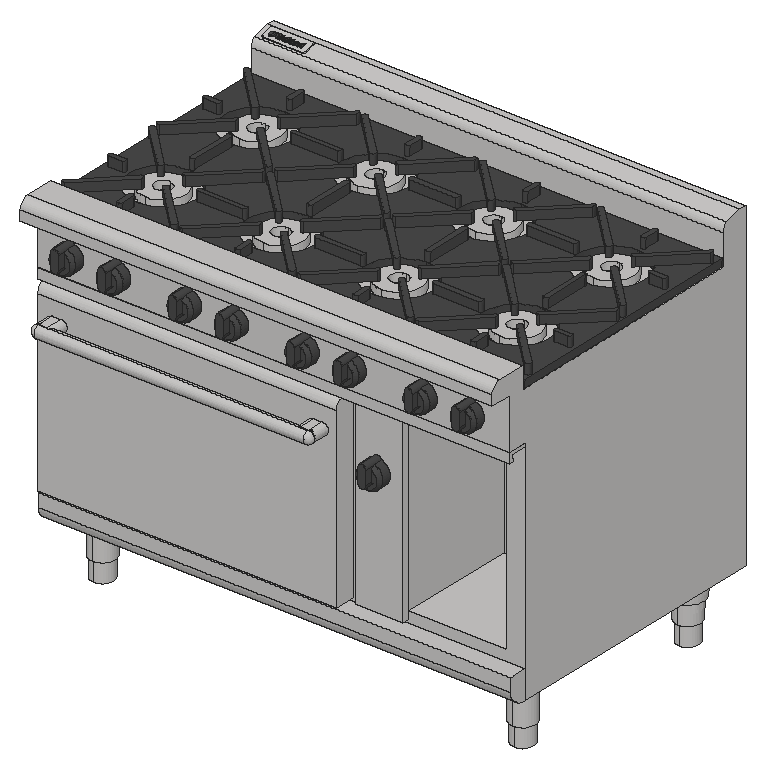
Revit family "QF_MOFFAT WALDORF_RNL8810G", category Specialty Equipment, Revit 2012 (continued)
Lines and regions (mm)
  Split face 19
    outline origin (405, -16.5, 970) x (0, -0.965926, -0.258819) y (1, 0, 0)
      loop
        line (29.558, 230.5) -> (1.962, 230.5) -> (1.962, 210.5) -> (29.558, 210.5) -> (29.558, 230.5)
  Split face 20
    outline origin (405, -16.5, 970) x (0, -0.965926, -0.258819) y (1, 0, 0)
      loop
        line (29.558, 257.5) -> (1.962, 257.5) -> (1.962, 237.5) -> (29.558, 237.5) -> (29.558, 257.5)
  Split face 21
    outline origin (459, -16.5, 970) x (0, -0.965926, -0.258819) y (1, 0, 0)
      loop
        line (29.558, 230.5) -> (1.962, 230.5) -> (1.962, 210.5) -> (29.558, 210.5) -> (29.558, 230.5)
  Split face 22
    outline origin (459, -16.5, 970) x (0, -0.965926, -0.258819) y (1, 0, 0)
      loop
        line (29.558, 257.5) -> (1.962, 257.5) -> (1.962, 237.5) -> (29.558, 237.5) -> (29.558, 257.5)
  Split face 23
    outline origin (540, -16.5, 970) x (0, -0.965926, -0.258819) y (1, 0, 0)
      loop
        line (29.558, 203.5) -> (1.962, 203.5) -> (1.962, 183.5) -> (29.558, 183.5) -> (29.558, 203.5)
  Split face 24
    outline origin (540, -16.5, 970) x (0, -0.965926, -0.258819) y (1, 0, 0)
      loop
        line (29.558, 230.5) -> (1.962, 230.5) -> (1.962, 210.5) -> (29.558, 210.5) -> (29.558, 230.5)
  Split face 25
    outline origin (540, -16.5, 970) x (0, -0.965926, -0.258819) y (1, 0, 0)
      loop
        line (29.558, 257.5) -> (1.962, 257.5) -> (1.962, 237.5) -> (29.558, 237.5) -> (29.558, 257.5)
  Split face 26
    outline origin (594, -16.5, 970) x (0, -0.965926, -0.258819) y (1, 0, 0)
      loop
        line (29.558, 230.5) -> (1.962, 230.5) -> (1.962, 210.5) -> (29.558, 210.5) -> (29.558, 230.5)
  Split face 27
    outline origin (594, -16.5, 970) x (0, -0.965926, -0.258819) y (1, 0, 0)
      loop
        line (29.558, 257.5) -> (1.962, 257.5) -> (1.962, 237.5) -> (29.558, 237.5) -> (29.558, 257.5)
  Split face 28
    outline origin (648, -16.5, 970) x (0, -0.965926, -0.258819) y (1, 0, 0)
      loop
        line (29.558, 230.5) -> (1.962, 230.5) -> (1.962, 210.5) -> (29.558, 210.5) -> (29.558, 230.5)
  Split face 29
    outline origin (648, -16.5, 970) x (0, -0.965926, -0.258819) y (1, 0, 0)
      loop
        line (29.558, 257.5) -> (1.962, 257.5) -> (1.962, 237.5) -> (29.558, 237.5) -> (29.558, 257.5)
  Split face 30
    outline origin (702, -16.5, 970) x (0, -0.965926, -0.258819) y (1, 0, 0)
      loop
        line (29.558, 230.5) -> (1.962, 230.5) -> (1.962, 210.5) -> (29.558, 210.5) -> (29.558, 230.5)
  Split face 31
    outline origin (702, -16.5, 970) x (0, -0.965926, -0.258819) y (1, 0, 0)
      loop
        line (29.558, 257.5) -> (1.962, 257.5) -> (1.962, 237.5) -> (29.558, 237.5) -> (29.558, 257.5)
  Split face 32
    outline origin (756, -16.5, 970) x (0, -0.965926, -0.258819) y (1, 0, 0)
      loop
        line (29.558, 230.5) -> (1.962, 230.5) -> (1.962, 210.5) -> (29.558, 210.5) -> (29.558, 230.5)
  Split face 33
    outline origin (756, -16.5, 970) x (0, -0.965926, -0.258819) y (1, 0, 0)
      loop
        line (29.558, 257.5) -> (1.962, 257.5) -> (1.962, 237.5) -> (29.558, 237.5) -> (29.558, 257.5)
  Split face 34
    outline origin (810, -16.5, 970) x (0, -0.965926, -0.258819) y (1, 0, 0)
      loop
        line (29.558, 230.5) -> (1.962, 230.5) -> (1.962, 210.5) -> (29.558, 210.5) -> (29.558, 230.5)
  Split face 35
    outline origin (810, -16.5, 970) x (0, -0.965926, -0.258819) y (1, 0, 0)
      loop
        line (29.558, 257.5) -> (1.962, 257.5) -> (1.962, 237.5) -> (29.558, 237.5) -> (29.558, 257.5)
  Split face 36
    outline origin (864, -16.5, 970) x (0, -0.965926, -0.258819) y (1, 0, 0)
      loop
        line (29.558, 230.5) -> (1.962, 230.5) -> (1.962, 210.5) -> (29.558, 210.5) -> (29.558, 230.5)
  symbolic lines
    curve 1: line (0, 0, 0) -> (0, -805, 0)
    curve 2: line (1200, 0, 0) -> (0, 0, 0)
    curve 3: line (1200, -805, 0) -> (1200, 0, 0)
    curve 4: line (0, -70, 0) -> (1200, -70, 0)
    curve 5: line (12.5, -51.234, 0) -> (12.5, -20.958, 0)
    curve 6: line (12.5, -20.958, 0) -> (121.5, -20.958, 0)
    curve 7: line (12.5, -51.234, 0) -> (121.5, -51.234, 0)
    curve 8: line (121.5, -20.958, 0) -> (121.5, -51.234, 0)
    curve 9: line (129.583, -22.262, 0) -> (129.583, -50.526, 0)
    curve 10: line (129.583, -50.526, 0) -> (149.583, -50.526, 0)
    curve 11: line (149.583, -50.526, 0) -> (149.583, -22.262, 0)
    curve 12: line (149.583, -22.262, 0) -> (129.583, -22.262, 0)
    curve 13: line (156.5, -22.262, 0) -> (156.5, -50.526, 0)
    curve 14: line (156.5, -50.526, 0) -> (176.5, -50.526, 0)
    curve 15: line (176.5, -50.526, 0) -> (176.5, -22.262, 0)
    curve 16: line (176.5, -22.262, 0) -> (156.5, -22.262, 0)
    curve 17: line (183.5, -22.262, 0) -> (183.5, -50.526, 0)
    curve 18: line (183.5, -50.526, 0) -> (203.5, -50.526, 0)
    curve 19: line (203.5, -50.526, 0) -> (203.5, -22.262, 0)
    curve 20: line (203.5, -22.262, 0) -> (183.5, -22.262, 0)
    curve 21: line (210.5, -22.262, 0) -> (210.5, -50.526, 0)
    curve 22: line (210.5, -50.526, 0) -> (230.5, -50.526, 0)
    curve 23: line (230.5, -50.526, 0) -> (230.5, -22.262, 0)
    curve 24: line (230.5, -22.262, 0) -> (210.5, -22.262, 0)
    curve 25: line (1200, -805, 0) -> (0, -805, 0)
    curve 26: line (237.5, -22.262, 0) -> (237.5, -50.526, 0)
    curve 27: line (237.5, -50.526, 0) -> (257.5, -50.526, 0)
    curve 28: line (257.5, -50.526, 0) -> (257.5, -22.262, 0)
    curve 29: line (257.5, -22.262, 0) -> (237.5, -22.262, 0)
    curve 30: line (1200, -709, 0) -> (0, -709, 0)
    curve 31: line (0, -705.7, 0) -> (1200, -705.7, 0)
    curve 32: line (1200, -72.734, 0) -> (0, -72.734, 0)
    curve 33: arc (22.65, -805, 0) -> (34.104, -815.278, 0) -> (48.889, -819.544, 0) r 34.455
    curve 34: line (48.889, -819.544, 0) -> (718.108, -819.544, 0)
    curve 35: arc (718.108, -819.544, 0) -> (732.653, -815.647, 0) -> (743.3, -805, 0) r 29.089
    curve 36: line (6.08, -94.387, 0) -> (121.515, -209.822, 0)
    curve 37: line (293.92, -94.387, 0) -> (178.485, -209.822, 0)
    curve 38: line (6.08, -380.613, 0) -> (121.515, -265.178, 0)
    curve 39: line (293.92, -380.613, 0) -> (178.485, -265.178, 0)
    curve 40: line (362.78, -237.81, 0) -> (237.78, -237.81, 0)
    curve 41: line (362.78, -537.81, 0) -> (237.78, -537.81, 0)
    curve 42: line (6.08, -394.655, 0) -> (121.515, -510.089, 0)
    curve 43: line (293.92, -394.655, 0) -> (178.485, -510.089, 0)
    curve 44: line (6.08, -680.881, 0) -> (121.515, -565.446, 0)
    curve 45: line (293.92, -680.881, 0) -> (178.485, -565.446, 0)
    curve 46: arc (150, -294.5, 0) -> (207, -237.5, 0) -> (150, -180.5, 0) r 57
    curve 47: arc (150, -180.5, 0) -> (93, -237.5, 0) -> (150, -294.5, 0) r 57
    curve 48: arc (150, -594.5, 0) -> (207, -537.5, 0) -> (150, -480.5, 0) r 57
    curve 49: arc (150, -480.5, 0) -> (93, -537.5, 0) -> (150, -594.5, 0) r 57
    curve 50: line (264.5, -22.262, 0) -> (264.5, -50.526, 0)
    curve 51: line (264.5, -50.526, 0) -> (284.5, -50.526, 0)
    curve 52: line (284.5, -50.526, 0) -> (284.5, -22.262, 0)
    curve 53: line (284.5, -22.262, 0) -> (264.5, -22.262, 0)
    curve 54: line (291.5, -22.262, 0) -> (291.5, -50.526, 0)
    curve 55: line (291.5, -50.526, 0) -> (311.5, -50.526, 0)
    curve 56: line (311.5, -50.526, 0) -> (311.5, -22.262, 0)
    curve 57: line (311.5, -22.262, 0) -> (291.5, -22.262, 0)
    curve 58: line (318.5, -22.262, 0) -> (318.5, -50.526, 0)
    curve 59: line (318.5, -50.526, 0) -> (338.5, -50.526, 0)
    curve 60: line (338.5, -50.526, 0) -> (338.5, -22.262, 0)
    curve 61: line (338.5, -22.262, 0) -> (318.5, -22.262, 0)
    curve 62: line (345.5, -22.262, 0) -> (345.5, -50.526, 0)
    curve 63: line (345.5, -50.526, 0) -> (365.5, -50.526, 0)
    curve 64: line (365.5, -50.526, 0) -> (365.5, -22.262, 0)
    curve 65: line (365.5, -22.262, 0) -> (345.5, -22.262, 0)
    curve 66: line (372.5, -22.262, 0) -> (372.5, -50.526, 0)
    curve 67: line (372.5, -50.526, 0) -> (392.5, -50.526, 0)
    curve 68: line (392.5, -50.526, 0) -> (392.5, -22.262, 0)
    curve 69: line (392.5, -22.262, 0) -> (372.5, -22.262, 0)
    curve 70: line (399.5, -22.262, 0) -> (399.5, -50.526, 0)
    curve 71: line (399.5, -50.526, 0) -> (419.5, -50.526, 0)
    curve 72: line (419.5, -50.526, 0) -> (419.5, -22.262, 0)
    curve 73: line (419.5, -22.262, 0) -> (399.5, -22.262, 0)
    curve 74: line (426.5, -22.262, 0) -> (426.5, -50.526, 0)
    curve 75: line (426.5, -50.526, 0) -> (446.5, -50.526, 0)
    curve 76: line (446.5, -50.526, 0) -> (446.5, -22.262, 0)
    curve 77: line (446.5, -22.262, 0) -> (426.5, -22.262, 0)
    curve 78: line (453.5, -22.262, 0) -> (453.5, -50.526, 0)
    curve 79: line (453.5, -50.526, 0) -> (473.5, -50.526, 0)
    curve 80: line (473.5, -50.526, 0) -> (473.5, -22.262, 0)
    curve 81: line (473.5, -22.262, 0) -> (453.5, -22.262, 0)
    curve 82: line (480.5, -22.262, 0) -> (480.5, -50.526, 0)
    curve 83: line (480.5, -50.526, 0) -> (500.5, -50.526, 0)
    curve 84: line (500.5, -50.526, 0) -> (500.5, -22.262, 0)
    curve 85: line (500.5, -22.262, 0) -> (480.5, -22.262, 0)
    curve 86: line (507.5, -22.262, 0) -> (507.5, -50.526, 0)
    curve 87: line (507.5, -50.526, 0) -> (527.5, -50.526, 0)
    curve 88: line (527.5, -50.526, 0) -> (527.5, -22.262, 0)
    curve 89: line (527.5, -22.262, 0) -> (507.5, -22.262, 0)
    curve 90: line (534.5, -22.262, 0) -> (534.5, -50.526, 0)
    curve 91: line (534.5, -50.526, 0) -> (554.5, -50.526, 0)
    curve 92: line (554.5, -50.526, 0) -> (554.5, -22.262, 0)
    curve 93: line (554.5, -22.262, 0) -> (534.5, -22.262, 0)
    curve 94: line (561.5, -22.262, 0) -> (561.5, -50.526, 0)
    curve 95: line (561.5, -50.526, 0) -> (581.5, -50.526, 0)
    curve 96: line (581.5, -50.526, 0) -> (581.5, -22.262, 0)
    curve 97: line (581.5, -22.262, 0) -> (561.5, -22.262, 0)
    curve 98: line (588.5, -22.262, 0) -> (588.5, -50.526, 0)
    curve 99: line (588.5, -50.526, 0) -> (608.5, -50.526, 0)
    curve 100: line (608.5, -50.526, 0) -> (608.5, -22.262, 0)
    curve 101: line (608.5, -22.262, 0) -> (588.5, -22.262, 0)
    curve 102: line (615.5, -22.262, 0) -> (615.5, -50.526, 0)
    curve 103: line (615.5, -50.526, 0) -> (635.5, -50.526, 0)
    curve 104: line (635.5, -50.526, 0) -> (635.5, -22.262, 0)
    curve 105: line (635.5, -22.262, 0) -> (615.5, -22.262, 0)
    curve 106: line (642.5, -22.262, 0) -> (642.5, -50.526, 0)
    curve 107: line (642.5, -50.526, 0) -> (662.5, -50.526, 0)
    curve 108: line (662.5, -50.526, 0) -> (662.5, -22.262, 0)
    curve 109: line (662.5, -22.262, 0) -> (642.5, -22.262, 0)
    curve 110: line (669.5, -22.262, 0) -> (669.5, -50.526, 0)
    curve 111: line (669.5, -50.526, 0) -> (689.5, -50.526, 0)
    curve 112: line (689.5, -50.526, 0) -> (689.5, -22.262, 0)
    curve 113: line (689.5, -22.262, 0) -> (669.5, -22.262, 0)
    curve 114: line (696.5, -22.262, 0) -> (696.5, -50.526, 0)
    curve 115: line (696.5, -50.526, 0) -> (716.5, -50.526, 0)
    curve 116: line (716.5, -50.526, 0) -> (716.5, -22.262, 0)
    curve 117: line (716.5, -22.262, 0) -> (696.5, -22.262, 0)
    curve 118: line (723.5, -22.262, 0) -> (723.5, -50.526, 0)
    curve 119: line (723.5, -50.526, 0) -> (743.5, -50.526, 0)
    curve 120: line (743.5, -50.526, 0) -> (743.5, -22.262, 0)
    curve 121: line (743.5, -22.262, 0) -> (723.5, -22.262, 0)
    curve 122: line (750.5, -22.262, 0) -> (750.5, -50.526, 0)
    curve 123: line (750.5, -50.526, 0) -> (770.5, -50.526, 0)
    curve 124: line (770.5, -50.526, 0) -> (770.5, -22.262, 0)
    curve 125: line (770.5, -22.262, 0) -> (750.5, -22.262, 0)
    curve 126: line (777.5, -22.262, 0) -> (777.5, -50.526, 0)
    curve 127: line (777.5, -50.526, 0) -> (797.5, -50.526, 0)
    curve 128: line (797.5, -50.526, 0) -> (797.5, -22.262, 0)
    curve 129: line (797.5, -22.262, 0) -> (777.5, -22.262, 0)
    curve 130: line (804.5, -22.262, 0) -> (804.5, -50.526, 0)
    curve 131: line (804.5, -50.526, 0) -> (824.5, -50.526, 0)
    curve 132: line (824.5, -50.526, 0) -> (824.5, -22.262, 0)
    curve 133: line (824.5, -22.262, 0) -> (804.5, -22.262, 0)
    curve 134: line (831.5, -22.262, 0) -> (831.5, -50.526, 0)
    curve 135: line (831.5, -50.526, 0) -> (851.5, -50.526, 0)
    curve 136: line (851.5, -50.526, 0) -> (851.5, -22.262, 0)
    curve 137: line (851.5, -22.262, 0) -> (831.5, -22.262, 0)
    curve 138: line (858.5, -22.262, 0) -> (858.5, -50.526, 0)
    curve 139: line (858.5, -50.526, 0) -> (878.5, -50.526, 0)
    curve 140: line (878.5, -50.526, 0) -> (878.5, -22.262, 0)
    curve 141: line (878.5, -22.262, 0) -> (858.5, -22.262, 0)
    curve 142: line (885.5, -22.262, 0) -> (885.5, -50.526, 0)
    curve 143: line (885.5, -50.526, 0) -> (905.5, -50.526, 0)
    curve 144: line (905.5, -50.526, 0) -> (905.5, -22.262, 0)
    curve 145: line (905.5, -22.262, 0) -> (885.5, -22.262, 0)
    curve 146: line (912.5, -22.262, 0) -> (912.5, -50.526, 0)
    curve 147: line (912.5, -50.526, 0) -> (932.5, -50.526, 0)
    curve 148: line (932.5, -50.526, 0) -> (932.5, -22.262, 0)
    curve 149: line (932.5, -22.262, 0) -> (912.5, -22.262, 0)
    curve 150: line (939.5, -22.262, 0) -> (939.5, -50.526, 0)
    curve 151: line (939.5, -50.526, 0) -> (959.5, -50.526, 0)
    curve 152: line (959.5, -50.526, 0) -> (959.5, -22.262, 0)
    curve 153: line (959.5, -22.262, 0) -> (939.5, -22.262, 0)
    curve 154: line (966.5, -22.262, 0) -> (966.5, -50.526, 0)
    curve 155: line (966.5, -50.526, 0) -> (986.5, -50.526, 0)
    curve 156: line (986.5, -50.526, 0) -> (986.5, -22.262, 0)
    curve 157: line (986.5, -22.262, 0) -> (966.5, -22.262, 0)
    curve 158: line (993.5, -22.262, 0) -> (993.5, -50.526, 0)
    curve 159: line (993.5, -50.526, 0) -> (1013.5, -50.526, 0)
    curve 160: line (1013.5, -50.526, 0) -> (1013.5, -22.262, 0)
    curve 161: line (1013.5, -22.262, 0) -> (993.5, -22.262, 0)
    curve 162: line (1020.5, -22.262, 0) -> (1020.5, -50.526, 0)
    curve 163: line (1020.5, -50.526, 0) -> (1040.5, -50.526, 0)
    curve 164: line (1040.5, -50.526, 0) -> (1040.5, -22.262, 0)
    curve 165: line (1040.5, -22.262, 0) -> (1020.5, -22.262, 0)
    curve 166: line (1047.5, -22.262, 0) -> (1047.5, -50.526, 0)
    curve 167: line (1047.5, -50.526, 0) -> (1067.5, -50.526, 0)
    curve 168: line (1067.5, -50.526, 0) -> (1067.5, -22.262, 0)
    curve 169: line (1067.5, -22.262, 0) -> (1047.5, -22.262, 0)
    curve 170: line (1074.5, -22.262, 0) -> (1074.5, -50.526, 0)
    curve 171: line (1074.5, -50.526, 0) -> (1094.5, -50.526, 0)
    curve 172: line (1094.5, -50.526, 0) -> (1094.5, -22.262, 0)
    curve 173: line (1094.5, -22.262, 0) -> (1074.5, -22.262, 0)
    curve 174: line (306.08, -94.387, 0) -> (421.515, -209.822, 0)
    curve 175: line (593.92, -94.387, 0) -> (478.485, -209.822, 0)
    curve 176: line (306.08, -380.613, 0) -> (421.515, -265.178, 0)
    curve 177: line (593.92, -380.613, 0) -> (478.485, -265.178, 0)
    curve 178: line (662.78, -237.81, 0) -> (537.78, -237.81, 0)
    curve 179: arc (450, -294.5, 0) -> (507, -237.5, 0) -> (450, -180.5, 0) r 57
    curve 180: arc (450, -180.5, 0) -> (393, -237.5, 0) -> (450, -294.5, 0) r 57
    curve 181: arc (750, -294.5, 0) -> (807, -237.5, 0) -> (750, -180.5, 0) r 57
    curve 182: arc (750, -180.5, 0) -> (693, -237.5, 0) -> (750, -294.5, 0) r 57
    curve 183: arc (1050, -294.5, 0) -> (1107, -237.5, 0) -> (1050, -180.5, 0) r 57
    curve 184: arc (1050, -180.5, 0) -> (993, -237.5, 0) -> (1050, -294.5, 0) r 57
    curve 185: line (606.08, -94.387, 0) -> (721.515, -209.822, 0)
    curve 186: line (893.92, -94.387, 0) -> (778.485, -209.822, 0)
    curve 187: line (606.08, -380.613, 0) -> (721.515, -265.178, 0)
    curve 188: line (893.92, -380.613, 0) -> (778.485, -265.178, 0)
    curve 189: line (962.78, -237.81, 0) -> (837.78, -237.81, 0)
    curve 190: line (906.08, -94.387, 0) -> (1021.515, -209.822, 0)
    curve 191: line (1193.92, -94.387, 0) -> (1078.485, -209.822, 0)
    curve 192: line (906.08, -380.613, 0) -> (1021.515, -265.178, 0)
    curve 193: line (1193.92, -380.613, 0) -> (1078.485, -265.178, 0)
    curve 194: line (906.08, -394.387, 0) -> (1021.515, -509.822, 0)
    curve 195: line (1193.92, -394.387, 0) -> (1078.485, -509.822, 0)
    curve 196: line (906.08, -680.613, 0) -> (1021.515, -565.178, 0)
    curve 197: line (1193.92, -680.613, 0) -> (1078.485, -565.178, 0)
    curve 198: line (306.08, -394.655, 0) -> (421.515, -510.089, 0)
    curve 199: line (593.92, -394.655, 0) -> (478.485, -510.089, 0)
    curve 200: line (306.08, -680.881, 0) -> (421.515, -565.446, 0)
    curve 201: line (593.92, -680.881, 0) -> (478.485, -565.446, 0)
    curve 202: line (606.08, -394.655, 0) -> (721.515, -510.089, 0)
    curve 203: line (893.92, -394.655, 0) -> (778.485, -510.089, 0)
    curve 204: line (606.08, -680.881, 0) -> (721.515, -565.446, 0)
    curve 205: line (893.92, -680.881, 0) -> (778.485, -565.446, 0)
    curve 206: line (149.618, -450.258, 0) -> (149.618, -325.258, 0)
    curve 207: line (449.618, -450.258, 0) -> (449.618, -325.258, 0)
    curve 208: line (749.618, -450.258, 0) -> (749.618, -325.258, 0)
    curve 209: line (1049.618, -450.258, 0) -> (1049.618, -325.258, 0)
    curve 210: line (662.78, -537.81, 0) -> (537.78, -537.81, 0)
    curve 211: line (962.78, -537.81, 0) -> (837.78, -537.81, 0)
    curve 212: line (149.197, -139.807, 0) -> (149.197, -94.807, 0)
    curve 213: line (149.197, -674.807, 0) -> (149.197, -634.807, 0)
    curve 214: line (449.197, -139.807, 0) -> (449.197, -94.807, 0)
    curve 215: line (449.197, -674.807, 0) -> (449.197, -634.807, 0)
    curve 216: line (749.197, -139.807, 0) -> (749.197, -94.807, 0)
    curve 217: line (749.197, -674.807, 0) -> (749.197, -634.807, 0)
    curve 218: line (1049.197, -139.807, 0) -> (1049.197, -94.807, 0)
    curve 219: line (1049.197, -674.807, 0) -> (1049.197, -634.807, 0)
    curve 220: line (49.678, -236.51, 0) -> (14.678, -236.51, 0)
    curve 221: line (49.678, -536.51, 0) -> (14.678, -536.51, 0)
    curve 222: arc (450, -594.5, 0) -> (507, -537.5, 0) -> (450, -480.5, 0) r 57
    curve 223: arc (450, -480.5, 0) -> (393, -537.5, 0) -> (450, -594.5, 0) r 57
    curve 224: arc (750, -480.5, 0) -> (693, -537.5, 0) -> (750, -594.5, 0) r 57
    curve 225: arc (750, -594.5, 0) -> (807, -537.5, 0) -> (750, -480.5, 0) r 57
    curve 226: arc (1050, -480.5, 0) -> (993, -537.5, 0) -> (1050, -594.5, 0) r 57
    curve 227: arc (1050, -594.5, 0) -> (1107, -537.5, 0) -> (1050, -480.5, 0) r 57
    curve 228: line (1150.322, -236.51, 0) -> (1185.322, -236.51, 0)
    curve 229: line (1150.322, -536.51, 0) -> (1185.322, -536.51, 0)
    curve 233: arc (150, -322.5, 0) -> (65, -237.5, 0) -> (150, -152.5, 0) r 85
    curve 234: arc (150, -152.5, 0) -> (235, -237.5, 0) -> (150, -322.5, 0) r 85
    curve 235: arc (450, -322.5, 0) -> (365, -237.5, 0) -> (450, -152.5, 0) r 85
    curve 236: arc (450, -152.5, 0) -> (535, -237.5, 0) -> (450, -322.5, 0) r 85
    curve 237: arc (150, -452.768, 0) -> (235, -537.768, 0) -> (150, -622.768, 0) r 85
    curve 238: arc (150, -622.768, 0) -> (65, -537.768, 0) -> (150, -452.768, 0) r 85
    curve 239: arc (450, -622.768, 0) -> (365, -537.768, 0) -> (450, -452.768, 0) r 85
    curve 240: arc (450, -452.768, 0) -> (535, -537.768, 0) -> (450, -622.768, 0) r 85
    curve 241: arc (750, -322.5, 0) -> (665, -237.5, 0) -> (750, -152.5, 0) r 85
    curve 242: arc (750, -152.5, 0) -> (835, -237.5, 0) -> (750, -322.5, 0) r 85
    curve 243: arc (1050, -322.5, 0) -> (965, -237.5, 0) -> (1050, -152.5, 0) r 85
    curve 244: arc (1050, -152.5, 0) -> (1135, -237.5, 0) -> (1050, -322.5, 0) r 85
    curve 245: arc (750, -452.768, 0) -> (835, -537.768, 0) -> (750, -622.768, 0) r 85
    curve 246: arc (750, -622.768, 0) -> (665, -537.768, 0) -> (750, -452.768, 0) r 85
    curve 247: arc (1050, -622.768, 0) -> (965, -537.768, 0) -> (1050, -452.768, 0) r 85
    curve 248: arc (1050, -452.768, 0) -> (1135, -537.768, 0) -> (1050, -622.768, 0) r 85
    curve 249: line (300.232, -72.734, 0) -> (300.232, -705.7, 0)
    curve 250: line (0, -386.808, 0) -> (1200, -386.808, 0)
    curve 251: line (600, -72.734, 0) -> (600, -705.7, 0)
    curve 252: line (900, -72.734, 0) -> (900, -705.7, 0)
    curve 253: arc (150, -215.5, 0) -> (172, -237.5, 0) -> (150, -259.5, 0) r 22
    curve 254: arc (150, -259.5, 0) -> (128, -237.5, 0) -> (150, -215.5, 0) r 22
    curve 255: arc (450, -215.5, 0) -> (472, -237.5, 0) -> (450, -259.5, 0) r 22
    curve 256: arc (450, -259.5, 0) -> (428, -237.5, 0) -> (450, -215.5, 0) r 22
    curve 257: arc (750, -215.5, 0) -> (772, -237.5, 0) -> (750, -259.5, 0) r 22
    curve 258: arc (750, -259.5, 0) -> (728, -237.5, 0) -> (750, -215.5, 0) r 22
    curve 259: arc (1050, -259.5, 0) -> (1028, -237.5, 0) -> (1050, -215.5, 0) r 22
    curve 260: arc (1050, -215.5, 0) -> (1072, -237.5, 0) -> (1050, -259.5, 0) r 22
    curve 261: arc (150, -515.5, 0) -> (172, -537.5, 0) -> (150, -559.5, 0) r 22
    curve 262: arc (150, -559.5, 0) -> (128, -537.5, 0) -> (150, -515.5, 0) r 22
    curve 263: arc (450, -515.5, 0) -> (472, -537.5, 0) -> (450, -559.5, 0) r 22
    curve 264: arc (450, -559.5, 0) -> (428, -537.5, 0) -> (450, -515.5, 0) r 22
    curve 265: arc (750, -515.5, 0) -> (772, -537.5, 0) -> (750, -559.5, 0) r 22
    curve 266: arc (750, -559.5, 0) -> (728, -537.5, 0) -> (750, -515.5, 0) r 22
    curve 267: arc (1050, -515.5, 0) -> (1072, -537.5, 0) -> (1050, -559.5, 0) r 22
    curve 268: arc (1050, -559.5, 0) -> (1028, -537.5, 0) -> (1050, -515.5, 0) r 22
  symbolic lines, style "QF_Door-Drawer Clearances", visible <- "Show Clearance"
    curve 230: line (0, -1218.847, 0) -> (760, -1218.847, 0)
    curve 231: line (760, -1218.847, 0) -> (760, -805, 0)
    curve 232: line (0, -1218.847, 0) -> (0, -805, 0)
Dimensions and locks
  equal spacing: plane 3 "LEFT", plane 7 "Center Y", plane 4 "RIGHT"
  "Width": plane 3 "LEFT" to plane 4 "RIGHT"
  equal spacing: plane 5 "FRONT", plane 8 "Center X", plane 1 "BACK"
  plane 5 "FRONT" to plane 1 "BACK" = 805 mm  (x2)
  equal spacing: plane 4 "RIGHT", plane 7 "Center Y", plane 3 "LEFT"
  plane 4 "RIGHT" to plane 3 "LEFT" = 1200 mm
  "Height": plane 6 "TOP" to level
  plane 10 to plane 1 "BACK" = 574.272 mm
  plane 12 to plane 1 "BACK" = 304.972 mm  (x2)
  plane 11 to plane 3 "LEFT" = 60 mm
  plane 14 to plane 3 "LEFT" = 74 mm
  plane 9 to plane 3 "LEFT" = 280 mm
  "Depth": plane 1 "BACK" to plane 15
  plane 15 to plane 5 "FRONT" = 0 mm
  plane 6 "TOP" to plane 2 = 970 mm
  locked: plane 2 to Extrusion 1 sketch curve at 861.8
  locked: plane 2 to Extrusion 1 sketch curve at 915
  locked: plane 4 "RIGHT" to plane 16 at 65.5
  Extrusion 10 sketch curve to plane 20 = 64.8 mm
  aligned and locked: level to plane 2
  aligned and locked: curve 3 to plane 4 "RIGHT"
  aligned and locked: Extrusion 1 to plane 4 "RIGHT"
  aligned and locked: plane 16 to Revolve 5
  aligned and locked: plane 16 to Revolve 4
  aligned and locked: plane 4 "RIGHT" to Extrusion 10 sketch curve
  aligned and locked: Extrusion 30 to Extrusion 2
Automatic sketch dimensions
  plane 18 to Extrusion 2 sketch curve = 21 mm
  Extrusion 2 sketch curve to plane 5 "FRONT" = 56 mm
  Extrusion 2 sketch curve to Extrusion 2 sketch curve = 24 mm
  Extrusion 2 sketch curve to Extrusion 2 sketch curve = 50 mm
  level to Extrusion 2 sketch curve = 227.5 mm
  Extrusion 3 sketch curve to Extrusion 3 sketch curve = 15 mm
  level to Extrusion 3 sketch curve = 227.5 mm
  Revolve 4 sketch curve to level = 0 mm
  Revolve 4 sketch curve to plane 17 = 110.753 mm
  Revolve 4 sketch curve to Revolve 4 sketch curve = 4.159 mm
  Revolve 4 sketch curve to Revolve 4 sketch curve = 5.012 mm
  Revolve 4 sketch curve to Revolve 4 sketch curve = 1.832 mm
  Revolve 4 sketch curve to Revolve 4 sketch curve = 4.25 mm
  Revolve 4 sketch curve to Revolve 4 sketch curve = 42.753 mm
  Revolve 4 sketch curve to Revolve 4 sketch curve = 0 mm  (x2)
  level to Revolve 4 sketch curve = 50 mm
  Revolve 4 sketch curve to Revolve 4 sketch curve = 52.468 mm
  Revolve 4 sketch curve to Revolve 4 sketch curve = 47.532 mm
  Revolve 4 sketch curve to Revolve 4 sketch curve = 55 mm
  Revolve 5 sketch curve to level = 0 mm
  Revolve 5 sketch curve to plane 10 = 82.478 mm
  Revolve 5 sketch curve to Revolve 5 sketch curve = 4.25 mm
  Revolve 5 sketch curve to Revolve 5 sketch curve = 27.5 mm  (x2)
  level to Revolve 5 sketch curve = 50 mm
  Revolve 5 sketch curve to Revolve 5 sketch curve = 0 mm
  Revolve 5 sketch curve to Revolve 5 sketch curve = 100 mm
  Revolve 5 sketch curve to Revolve 5 sketch curve = 55 mm
  Revolve 6 sketch curve to level = 0 mm
  Revolve 6 sketch curve to plane 17 = 110.753 mm
  Revolve 6 sketch curve to Revolve 6 sketch curve = 0 mm  (x3)
  Revolve 6 sketch curve to Revolve 6 sketch curve = 4.159 mm
  Revolve 6 sketch curve to Revolve 6 sketch curve = 5.012 mm
  Revolve 6 sketch curve to Revolve 6 sketch curve = 1.832 mm
  Revolve 6 sketch curve to Revolve 6 sketch curve = 4.25 mm
  Revolve 6 sketch curve to Revolve 6 sketch curve = 42.753 mm
  Revolve 6 sketch curve to level = 55 mm
  Revolve 6 sketch curve to Revolve 6 sketch curve = 50 mm
  Revolve 6 sketch curve to Revolve 6 sketch curve = 52.468 mm
  Revolve 6 sketch curve to Revolve 6 sketch curve = 47.532 mm
  Revolve 7 sketch curve to level = 0 mm
  Revolve 7 sketch curve to plane 10 = 82.478 mm
  Revolve 7 sketch curve to Revolve 7 sketch curve = 4.25 mm
  Revolve 7 sketch curve to Revolve 7 sketch curve = 27.5 mm  (x2)
  Revolve 7 sketch curve to level = 55 mm
  Revolve 7 sketch curve to Revolve 7 sketch curve = 50 mm
  Revolve 7 sketch curve to Revolve 7 sketch curve = 0 mm
  Revolve 7 sketch curve to Revolve 7 sketch curve = 100 mm
  plane 17 to Extrusion 8 sketch curve = 0 mm
  Extrusion 8 sketch curve to plane 16 = 64.5 mm
  Revolve 12 sketch curve to plane 5 "FRONT" = 12 mm
  Revolve 12 sketch curve to Revolve 12 sketch curve = 0 mm  (x2)
  Revolve 12 sketch curve to Revolve 12 sketch curve = 11 mm
  Revolve 12 sketch curve to Revolve 12 sketch curve = 12.7 mm
  Revolve 12 sketch curve to Revolve 12 sketch curve = 23 mm
  Revolve 12 sketch curve to Revolve 12 sketch curve = 10 mm
  plane 18 to Revolve 12 sketch curve = 141.882 mm
  Revolve 12 sketch curve to Revolve 12 sketch curve = 5 mm
  Revolve 12 sketch curve to Revolve 12 sketch curve = 26.651 mm
  Revolve 12 sketch curve to Revolve 12 sketch curve = 5.849 mm
  Revolve 13 sketch curve to plane 5 "FRONT" = 12 mm
  Revolve 13 sketch curve to Revolve 13 sketch curve = 0 mm  (x2)
  Revolve 13 sketch curve to Revolve 13 sketch curve = 11 mm
  Revolve 13 sketch curve to Revolve 13 sketch curve = 12.7 mm
  Revolve 13 sketch curve to Revolve 13 sketch curve = 23 mm
  Revolve 13 sketch curve to Revolve 13 sketch curve = 10 mm
  plane 18 to Revolve 13 sketch curve = 141.882 mm
  Revolve 13 sketch curve to Revolve 13 sketch curve = 5 mm
  Revolve 13 sketch curve to Revolve 13 sketch curve = 26.651 mm
  Revolve 13 sketch curve to Revolve 13 sketch curve = 5.849 mm
  Revolve 14 sketch curve to plane 5 "FRONT" = 12 mm
  Revolve 14 sketch curve to Revolve 14 sketch curve = 0 mm  (x2)
  Revolve 14 sketch curve to Revolve 14 sketch curve = 11 mm
  Revolve 14 sketch curve to Revolve 14 sketch curve = 12.7 mm
  Revolve 14 sketch curve to Revolve 14 sketch curve = 23 mm
  Revolve 14 sketch curve to Revolve 14 sketch curve = 10 mm
  plane 18 to Revolve 14 sketch curve = 174.382 mm
  Revolve 14 sketch curve to Revolve 14 sketch curve = 5.849 mm
  Revolve 14 sketch curve to Revolve 14 sketch curve = 27.5 mm
  Revolve 14 sketch curve to Revolve 14 sketch curve = 5 mm
  Revolve 15 sketch curve to plane 5 "FRONT" = 12 mm
  Revolve 15 sketch curve to Revolve 15 sketch curve = 0 mm  (x2)
  Revolve 15 sketch curve to Revolve 15 sketch curve = 11 mm
  Revolve 15 sketch curve to Revolve 15 sketch curve = 12.7 mm
  Revolve 15 sketch curve to Revolve 15 sketch curve = 23 mm
  Revolve 15 sketch curve to Revolve 15 sketch curve = 10 mm
  plane 18 to Revolve 15 sketch curve = 174.382 mm
  Revolve 15 sketch curve to Revolve 15 sketch curve = 5.849 mm
  Revolve 15 sketch curve to Revolve 15 sketch curve = 27.5 mm
  Revolve 15 sketch curve to Revolve 15 sketch curve = 5 mm
  Revolve 16 sketch curve to plane 5 "FRONT" = 12 mm
  Revolve 16 sketch curve to Revolve 16 sketch curve = 0 mm  (x2)
  Revolve 16 sketch curve to Revolve 16 sketch curve = 11 mm
  Revolve 16 sketch curve to Revolve 16 sketch curve = 12.7 mm
  Revolve 16 sketch curve to Revolve 16 sketch curve = 23 mm
  Revolve 16 sketch curve to Revolve 16 sketch curve = 10 mm
  plane 18 to Revolve 16 sketch curve = 174.382 mm
  Revolve 16 sketch curve to Revolve 16 sketch curve = 5.849 mm
  Revolve 16 sketch curve to Revolve 16 sketch curve = 27.5 mm
  Revolve 16 sketch curve to Revolve 16 sketch curve = 5 mm
  Revolve 17 sketch curve to plane 5 "FRONT" = 12 mm
  Revolve 17 sketch curve to Revolve 17 sketch curve = 0 mm  (x2)
  Revolve 17 sketch curve to Revolve 17 sketch curve = 11 mm
  Revolve 17 sketch curve to Revolve 17 sketch curve = 12.7 mm
  Revolve 17 sketch curve to Revolve 17 sketch curve = 23 mm
  Revolve 17 sketch curve to Revolve 17 sketch curve = 10 mm
  plane 18 to Revolve 17 sketch curve = 174.382 mm
  Revolve 17 sketch curve to Revolve 17 sketch curve = 5.849 mm
  Revolve 17 sketch curve to Revolve 17 sketch curve = 27.5 mm
  Revolve 17 sketch curve to Revolve 17 sketch curve = 5 mm
  Revolve 18 sketch curve to plane 5 "FRONT" = 12 mm
  Revolve 18 sketch curve to Revolve 18 sketch curve = 0 mm  (x2)
  Revolve 18 sketch curve to Revolve 18 sketch curve = 11 mm
  Revolve 18 sketch curve to Revolve 18 sketch curve = 12.7 mm
  Revolve 18 sketch curve to Revolve 18 sketch curve = 23 mm
  Revolve 18 sketch curve to Revolve 18 sketch curve = 10 mm
  plane 18 to Revolve 18 sketch curve = 141.882 mm
  Revolve 18 sketch curve to Revolve 18 sketch curve = 5 mm
  Revolve 18 sketch curve to Revolve 18 sketch curve = 26.651 mm
  Revolve 18 sketch curve to Revolve 18 sketch curve = 5.849 mm
  Revolve 19 sketch curve to plane 5 "FRONT" = 12 mm
  Revolve 19 sketch curve to Revolve 19 sketch curve = 0 mm  (x2)
  Revolve 19 sketch curve to Revolve 19 sketch curve = 11 mm
  Revolve 19 sketch curve to Revolve 19 sketch curve = 12.7 mm
  Revolve 19 sketch curve to Revolve 19 sketch curve = 23 mm
  Revolve 19 sketch curve to Revolve 19 sketch curve = 10 mm
  plane 18 to Revolve 19 sketch curve = 141.882 mm
  Revolve 19 sketch curve to Revolve 19 sketch curve = 5 mm
  Revolve 19 sketch curve to Revolve 19 sketch curve = 26.651 mm
  Revolve 19 sketch curve to Revolve 19 sketch curve = 5.849 mm
  plane 14 to Extrusion 20 sketch curve = 26.156 mm
  plane 14 to Extrusion 20 sketch curve = 16.156 mm
  plane 18 to Extrusion 20 sketch curve = 168.882 mm
  Extrusion 20 sketch curve to Extrusion 20 sketch curve = 35 mm
  Extrusion 21 sketch curve to plane 9 = 59.844 mm
  Extrusion 21 sketch curve to Extrusion 21 sketch curve = 10 mm
  plane 18 to Extrusion 21 sketch curve = 168.882 mm
  Extrusion 21 sketch curve to Extrusion 21 sketch curve = 35 mm
  plane 9 to Extrusion 22 sketch curve = 120.132 mm
  Extrusion 22 sketch curve to Extrusion 22 sketch curve = 10 mm
  plane 18 to Extrusion 22 sketch curve = 168.882 mm
  Extrusion 22 sketch curve to Extrusion 22 sketch curve = 35 mm
  Extrusion 23 sketch curve to plane 7 "Center Y" = 79.868 mm
  Extrusion 23 sketch curve to Extrusion 23 sketch curve = 10 mm
  plane 18 to Extrusion 23 sketch curve = 168.882 mm
  Extrusion 23 sketch curve to Extrusion 23 sketch curve = 35 mm
  plane 7 "Center Y" to Extrusion 24 sketch curve = 100.108 mm
  Extrusion 24 sketch curve to Extrusion 24 sketch curve = 10 mm
  plane 18 to Extrusion 24 sketch curve = 168.882 mm
  Extrusion 24 sketch curve to Extrusion 24 sketch curve = 35 mm
  plane 7 "Center Y" to Extrusion 25 sketch curve = 220.108 mm
  Extrusion 25 sketch curve to Extrusion 25 sketch curve = 10 mm
  plane 18 to Extrusion 25 sketch curve = 168.882 mm
  Extrusion 25 sketch curve to Extrusion 25 sketch curve = 35 mm
  Extrusion 26 sketch curve to plane 16 = 134.417 mm
  Extrusion 26 sketch curve to Extrusion 26 sketch curve = 10 mm
  plane 18 to Extrusion 26 sketch curve = 168.882 mm
  Extrusion 26 sketch curve to Extrusion 26 sketch curve = 35 mm
  Extrusion 27 sketch curve to plane 16 = 14.417 mm
  Extrusion 27 sketch curve to Extrusion 27 sketch curve = 10 mm
  plane 18 to Extrusion 27 sketch curve = 168.882 mm
  Extrusion 27 sketch curve to Extrusion 27 sketch curve = 35 mm
  Revolve 28 sketch curve to plane 5 "FRONT" = 54.5 mm
  Revolve 28 sketch curve to Revolve 28 sketch curve = 0 mm  (x2)
  Revolve 28 sketch curve to Revolve 28 sketch curve = 11 mm
  Revolve 28 sketch curve to Revolve 28 sketch curve = 12.7 mm
  Revolve 28 sketch curve to Revolve 28 sketch curve = 23 mm
  Revolve 28 sketch curve to Revolve 28 sketch curve = 10 mm
  Revolve 28 sketch curve to plane 18 = 104.368 mm
  Revolve 28 sketch curve to Revolve 28 sketch curve = 5 mm
  Revolve 28 sketch curve to Revolve 28 sketch curve = 26.651 mm
  Revolve 28 sketch curve to Revolve 28 sketch curve = 5.849 mm
  plane 7 "Center Y" to Extrusion 29 sketch curve = 227.344 mm
  Extrusion 29 sketch curve to Extrusion 29 sketch curve = 10 mm
  Extrusion 29 sketch curve to plane 18 = 112.368 mm
  Extrusion 29 sketch curve to Extrusion 29 sketch curve = 35 mm
  curve 46 to curve 233 = 0 mm
  curve 47 to curve 234 = 0 mm
  curve 180 to curve 236 = 0 mm  (x2)
  curve 181 to curve 241 = 0 mm
  curve 182 to curve 242 = 0 mm
  curve 183 to curve 243 = 0 mm
  curve 184 to curve 243 = 0 mm
  plane 1 "BACK" to curve 1 = 0 mm
  curve 1 to plane 3 "LEFT" = 0 mm
  plane 5 "FRONT" to curve 33 = 0 mm
  curve 251 to plane 7 "Center Y" = 0 mm
  plane 3 "LEFT" to curve 44 = 6.08 mm
  plane 3 "LEFT" to curve 42 = 6.08 mm
  plane 3 "LEFT" to curve 38 = 6.08 mm
  plane 3 "LEFT" to curve 36 = 6.08 mm
  plane 3 "LEFT" to curve 5 = 12.5 mm
  plane 3 "LEFT" to curve 220 = 14.678 mm
  plane 3 "LEFT" to curve 221 = 14.678 mm
  plane 3 "LEFT" to curve 33 = 22.65 mm
  curve 34 to plane 11 = 11.111 mm
  curve 221 to plane 11 = 10.322 mm
  curve 220 to plane 11 = 10.322 mm
  curve 33 to plane 11 = 9.192 mm
  plane 17 to curve 8 = 11.042 mm
  plane 14 to curve 8 = 47.5 mm
  plane 14 to curve 36 = 47.515 mm
  plane 14 to curve 42 = 47.515 mm
  plane 14 to curve 38 = 47.515 mm
  plane 10 to curve 44 = 8.826 mm
  plane 14 to curve 44 = 47.515 mm
  curve 6 to curve 12 = 8.083 mm
  plane 14 to curve 212 = 75.197 mm
  plane 14 to curve 213 = 75.197 mm
  curve 9 to curve 10 = 20 mm
  curve 206 to plane 12 = 20.285 mm
  curve 38 to curve 206 = 28.103 mm
  curve 38 to curve 47 = 28.485 mm
  curve 42 to curve 49 = 28.485 mm
  curve 213 to curve 237 = 0.803 mm
  curve 10 to curve 13 = 6.917 mm
  plane 17 to curve 16 = 9.738 mm
  curve 13 to curve 16 = 20 mm
  plane 10 to curve 45 = 8.826 mm
  curve 237 to curve 45 = 28.485 mm
  curve 48 to curve 43 = 28.485 mm
  curve 46 to curve 37 = 28.485 mm
  plane 12 to curve 39 = 39.794 mm
  curve 46 to curve 39 = 28.485 mm
  curve 15 to curve 20 = 7 mm
  curve 17 to curve 18 = 20 mm
  curve 19 to curve 24 = 7 mm
  plane 17 to curve 23 = 9.738 mm
  curve 21 to curve 23 = 20 mm
  curve 22 to curve 26 = 7 mm
  curve 41 to plane 9 = 42.22 mm
  curve 40 to plane 9 = 42.22 mm
  plane 17 to curve 28 = 9.738 mm
  curve 26 to curve 28 = 20 mm
  curve 28 to curve 53 = 7 mm
  plane 9 to curve 51 = 4.5 mm
  curve 51 to curve 54 = 7 mm
  plane 9 to curve 45 = 13.92 mm
  plane 9 to curve 37 = 13.92 mm
  plane 9 to curve 43 = 13.92 mm
  plane 9 to curve 39 = 13.92 mm
  plane 9 to curve 249 = 20.232 mm
  curve 39 to curve 176 = 12.16 mm
  curve 45 to curve 200 = 12.16 mm
  curve 37 to curve 174 = 12.16 mm
  plane 8 "Center X" to curve 198 = 7.845 mm
  curve 43 to curve 198 = 12.16 mm
  plane 17 to curve 56 = 9.738 mm
  curve 54 to curve 56 = 20 mm
  curve 55 to curve 58 = 7 mm
  plane 17 to curve 61 = 9.738 mm
  curve 58 to curve 61 = 20 mm
  curve 59 to curve 62 = 7 mm
  plane 10 to curve 41 = 36.462 mm
  plane 9 to curve 41 = 82.78 mm
  plane 9 to curve 40 = 82.78 mm
  curve 62 to curve 64 = 20 mm
  curve 64 to curve 66 = 7 mm
  curve 66 to curve 67 = 20 mm
  curve 68 to curve 70 = 7 mm
  plane 17 to curve 73 = 9.738 mm
  curve 70 to curve 73 = 20 mm
  curve 40 to curve 174 = 58.735 mm
  plane 12 to curve 176 = 39.794 mm
  curve 176 to curve 174 = 0 mm
  plane 10 to curve 198 = 64.183 mm
  curve 41 to curve 198 = 58.735 mm
  plane 10 to curve 200 = 8.826 mm
  curve 200 to curve 198 = 0 mm
  curve 71 to curve 74 = 7 mm
  plane 17 to curve 77 = 9.738 mm
  curve 74 to curve 77 = 20 mm
  curve 174 to curve 214 = 27.682 mm
  curve 200 to curve 215 = 27.682 mm
  curve 207 to plane 12 = 20.285 mm
  curve 176 to curve 207 = 28.103 mm
  curve 222 to plane 10 = 20.228 mm
  curve 215 to curve 222 = 0.803 mm
  curve 214 to curve 235 = 0.803 mm
  curve 239 to curve 222 = 0 mm
  curve 75 to curve 79 = 7 mm
  plane 17 to curve 80 = 9.738 mm
  curve 78 to curve 80 = 20 mm
  curve 179 to curve 175 = 28.485 mm
  plane 12 to curve 177 = 39.794 mm
  curve 179 to curve 177 = 28.485 mm
  curve 222 to curve 199 = 28.485 mm
  plane 10 to curve 201 = 8.826 mm
  curve 239 to curve 201 = 28.485 mm
  curve 80 to curve 82 = 7 mm
  plane 17 to curve 84 = 9.738 mm
  curve 82 to curve 84 = 20 mm
  curve 84 to curve 86 = 7 mm
  plane 17 to curve 88 = 9.738 mm
  curve 86 to curve 88 = 20 mm
  curve 87 to curve 90 = 7 mm
  curve 178 to plane 7 "Center Y" = 62.22 mm
  curve 210 to plane 7 "Center Y" = 62.22 mm
  curve 90 to curve 92 = 20 mm
  curve 92 to curve 97 = 7 mm
  curve 96 to plane 7 "Center Y" = 18.5 mm
  curve 95 to curve 99 = 7 mm
  curve 175 to plane 7 "Center Y" = 6.08 mm
  curve 201 to plane 7 "Center Y" = 6.08 mm
  curve 177 to plane 7 "Center Y" = 6.08 mm
  curve 199 to plane 7 "Center Y" = 6.08 mm
  plane 7 "Center Y" to curve 185 = 6.08 mm
  plane 7 "Center Y" to curve 204 = 6.08 mm
  plane 7 "Center Y" to curve 187 = 6.08 mm
  plane 7 "Center Y" to curve 202 = 6.08 mm
  plane 7 "Center Y" to curve 100 = 8.5 mm
  curve 99 to curve 102 = 7 mm
  plane 17 to curve 104 = 9.738 mm
  curve 102 to curve 104 = 20 mm
  curve 103 to curve 107 = 7 mm
  plane 17 to curve 108 = 9.738 mm
  curve 106 to curve 108 = 20 mm
  plane 7 "Center Y" to curve 210 = 62.78 mm
  plane 7 "Center Y" to curve 178 = 62.78 mm
  curve 107 to curve 111 = 7 mm
  curve 110 to curve 112 = 20 mm
  curve 112 to curve 114 = 7 mm
  plane 17 to curve 117 = 9.738 mm
  curve 114 to curve 117 = 20 mm
  curve 35 to plane 5 "FRONT" = 14.544 mm
  plane 7 "Center Y" to curve 35 = 118.108 mm
  curve 210 to curve 202 = 58.735 mm
  plane 10 to curve 204 = 8.826 mm
  curve 204 to curve 202 = 0 mm
  plane 12 to curve 187 = 39.794 mm
  curve 178 to curve 187 = 58.735 mm
  curve 185 to curve 187 = 0 mm
  curve 116 to curve 118 = 7 mm
  curve 35 to curve 35 = 25.191 mm
  plane 17 to curve 120 = 9.738 mm
  curve 118 to curve 120 = 20 mm
  curve 119 to curve 216 = 5.697 mm
  curve 204 to curve 217 = 27.682 mm
  curve 208 to plane 12 = 20.285 mm
  curve 187 to curve 208 = 28.103 mm
  curve 202 to curve 245 = 28.485 mm
  curve 208 to curve 242 = 0.382 mm
  curve 224 to curve 245 = 0 mm
  curve 119 to curve 123 = 7 mm
  plane 7 "Center Y" to curve 230 = 160 mm
  plane 17 to curve 124 = 9.738 mm
  curve 122 to curve 124 = 20 mm
  curve 123 to curve 127 = 7 mm
  plane 10 to curve 205 = 8.826 mm
  curve 245 to curve 205 = 28.485 mm
  plane 12 to curve 188 = 39.794 mm
  curve 181 to curve 188 = 28.485 mm
  curve 181 to curve 186 = 28.485 mm
  plane 10 to curve 203 = 64.183 mm
  curve 224 to curve 203 = 28.485 mm
  plane 17 to curve 129 = 9.738 mm
  curve 126 to curve 129 = 20 mm
  curve 128 to curve 130 = 7 mm
  plane 17 to curve 133 = 9.738 mm
  curve 130 to curve 133 = 20 mm
  curve 131 to curve 135 = 7 mm
  curve 205 to curve 211 = 59.295 mm
  curve 188 to curve 189 = 59.295 mm
  plane 17 to curve 136 = 9.738 mm
  curve 134 to curve 136 = 20 mm
  curve 136 to curve 138 = 7 mm
  plane 17 to curve 140 = 9.738 mm
  curve 138 to curve 140 = 20 mm
  curve 139 to curve 143 = 7 mm
  curve 186 to plane 17 = 62.387 mm
  curve 142 to curve 186 = 8.42 mm
  curve 188 to plane 13 = 15.641 mm
  curve 189 to curve 188 = 56.14 mm
  curve 205 to plane 10 = 106.609 mm
  curve 217 to curve 205 = 144.723 mm
  plane 8 "Center X" to curve 203 = 7.845 mm
  curve 203 to curve 188 = 0 mm
  curve 205 to curve 252 = 6.08 mm
  plane 17 to curve 145 = 9.738 mm
  curve 142 to curve 145 = 20 mm
  curve 196 to plane 10 = 106.341 mm
  curve 205 to curve 196 = 12.16 mm
  curve 192 to plane 13 = 15.641 mm
  curve 188 to curve 192 = 12.16 mm
  curve 190 to plane 17 = 62.387 mm
  curve 186 to curve 190 = 12.16 mm
  plane 8 "Center X" to curve 194 = 8.113 mm
  curve 203 to curve 194 = 12.16 mm
  curve 143 to curve 147 = 7 mm
  plane 17 to curve 149 = 9.738 mm
  curve 146 to curve 149 = 20 mm
  curve 147 to curve 150 = 7 mm
  plane 17 to curve 152 = 9.738 mm
  curve 150 to curve 152 = 20 mm
  curve 189 to curve 189 = 125 mm
  plane 10 to curve 211 = 36.462 mm
  curve 211 to curve 211 = 125 mm
  curve 151 to curve 154 = 7 mm
  curve 154 to curve 155 = 20 mm
  curve 156 to curve 158 = 7 mm
  curve 158 to curve 160 = 20 mm
  curve 160 to curve 162 = 7 mm
  plane 10 to curve 196 = 9.094 mm
  curve 211 to curve 196 = 58.735 mm
  curve 194 to curve 196 = 0 mm
  plane 12 to curve 192 = 39.794 mm
  curve 189 to curve 192 = 58.735 mm
  curve 190 to curve 192 = 0 mm
  curve 162 to curve 164 = 20 mm
  curve 163 to curve 166 = 7 mm
  curve 219 to plane 16 = 85.303 mm
  curve 190 to curve 218 = 27.682 mm
  curve 209 to plane 12 = 20.285 mm
  curve 192 to curve 209 = 28.103 mm
  plane 12 to curve 183 = 10.472 mm
  curve 209 to curve 183 = 0.382 mm
  curve 194 to curve 227 = 28.485 mm
  curve 248 to curve 226 = 0 mm
  curve 166 to curve 168 = 20 mm
  curve 167 to curve 171 = 7 mm
  curve 183 to curve 193 = 28.485 mm
  curve 226 to curve 195 = 28.485 mm
  curve 183 to curve 191 = 28.485 mm
  plane 10 to curve 197 = 9.094 mm
  curve 247 to curve 197 = 28.485 mm
  curve 170 to curve 171 = 20 mm
  plane 16 to curve 228 = 15.822 mm
  plane 16 to curve 229 = 15.822 mm
  plane 4 "RIGHT" to curve 228 = 14.678 mm
  plane 4 "RIGHT" to curve 229 = 14.678 mm
  plane 4 "RIGHT" to curve 197 = 6.08 mm
  plane 4 "RIGHT" to curve 195 = 6.08 mm
  plane 4 "RIGHT" to curve 191 = 6.08 mm
  plane 4 "RIGHT" to curve 193 = 6.08 mm
  curve 232 to curve 33 = 399.303 mm
  curve 30 to plane 5 "FRONT" = 96 mm
  curve 30 to curve 31 = 3.3 mm
  curve 251 to curve 204 = 24.819 mm
  curve 201 to curve 204 = 0 mm
  curve 249 to curve 200 = 24.819 mm
  curve 45 to curve 200 = 0 mm
  curve 31 to curve 44 = 24.819 mm
  curve 31 to curve 197 = 25.087 mm
  curve 213 to plane 10 = 100.535 mm
  curve 219 to plane 10 = 100.535 mm
  curve 215 to curve 223 = 80.307 mm
  curve 217 to plane 10 = 100.535 mm
  curve 215 to curve 215 = 40 mm
  curve 217 to curve 217 = 40 mm
  curve 213 to curve 213 = 40 mm
  curve 219 to curve 219 = 40 mm
  curve 213 to curve 238 = 12.039 mm
  curve 219 to curve 248 = 12.039 mm
  curve 215 to curve 240 = 12.039 mm
  curve 217 to curve 245 = 12.039 mm
  curve 225 to plane 10 = 20.228 mm
  curve 226 to plane 10 = 20.228 mm
  curve 48 to plane 10 = 20.228 mm
  plane 10 to curve 210 = 36.462 mm
  plane 10 to curve 239 = 36.504 mm
  plane 10 to curve 237 = 36.504 mm
  plane 10 to curve 247 = 36.504 mm
  plane 10 to curve 246 = 36.504 mm
  curve 247 to curve 227 = 0.268 mm
  curve 239 to curve 223 = 0.268 mm
  curve 245 to curve 225 = 0.268 mm
  curve 237 to curve 49 = 0.268 mm
  plane 10 to curve 229 = 37.763 mm
  plane 10 to curve 221 = 37.763 mm
  curve 224 to curve 202 = 27.411 mm
  curve 222 to curve 199 = 27.411 mm
  curve 48 to curve 42 = 27.411 mm
  curve 48 to curve 43 = 27.411 mm
  curve 226 to curve 195 = 27.678 mm
  curve 226 to curve 194 = 27.678 mm
  curve 239 to curve 207 = 2.51 mm
  curve 247 to curve 209 = 2.51 mm
  curve 238 to curve 206 = 2.51 mm
  curve 246 to curve 208 = 2.51 mm
  plane 8 "Center X" to curve 42 = 7.845 mm
  plane 8 "Center X" to curve 202 = 7.845 mm
  plane 8 "Center X" to curve 43 = 7.845 mm
  plane 8 "Center X" to curve 199 = 7.845 mm
  plane 8 "Center X" to curve 195 = 8.113 mm
  curve 42 to curve 250 = 7.846 mm
  curve 199 to curve 177 = 14.041 mm
  curve 198 to curve 176 = 14.041 mm
  curve 250 to curve 38 = 6.195 mm
  curve 177 to curve 187 = 0 mm
  curve 39 to curve 176 = 0 mm
  curve 250 to curve 193 = 6.195 mm
  curve 209 to curve 243 = 2.758 mm
  curve 208 to curve 242 = 2.758 mm
  curve 206 to curve 234 = 2.758 mm
  curve 207 to curve 236 = 2.758 mm
  plane 12 to curve 46 = 10.472 mm
  plane 12 to curve 182 = 10.472 mm
  plane 12 to curve 180 = 10.472 mm
  plane 12 to curve 193 = 39.794 mm
  plane 12 to curve 38 = 39.794 mm
  curve 187 to curve 178 = 27.368 mm
  curve 192 to curve 189 = 27.368 mm
  curve 176 to curve 40 = 27.368 mm
  curve 192 to curve 184 = 27.678 mm
  curve 38 to curve 46 = 27.678 mm
  curve 187 to curve 182 = 27.678 mm
  curve 176 to curve 180 = 27.678 mm
  plane 12 to curve 228 = 68.463 mm
  plane 12 to curve 220 = 68.463 mm
  curve 179 to curve 174 = 27.678 mm
  curve 181 to curve 186 = 27.678 mm
  curve 46 to curve 37 = 27.678 mm
  curve 46 to curve 36 = 27.678 mm
  curve 183 to curve 190 = 27.678 mm
  curve 179 to curve 175 = 27.678 mm
  curve 181 to curve 185 = 27.678 mm
  curve 183 to curve 191 = 27.678 mm
  curve 243 to curve 218 = 12.693 mm
  curve 241 to curve 216 = 12.693 mm
  curve 235 to curve 214 = 12.693 mm
  curve 233 to curve 212 = 12.693 mm
  curve 216 to curve 216 = 45 mm
  curve 214 to curve 214 = 45 mm
  curve 212 to curve 212 = 45 mm
  curve 218 to curve 218 = 45 mm
  curve 191 to plane 17 = 62.387 mm
  curve 37 to plane 17 = 62.387 mm
  curve 36 to plane 17 = 62.387 mm
  curve 37 to curve 174 = 0 mm
  curve 175 to plane 17 = 62.387 mm
  curve 175 to curve 185 = 0 mm
  curve 190 to curve 252 = 21.653 mm
  curve 32 to curve 4 = 2.734 mm
  curve 7 to plane 17 = 19.234 mm
  curve 119 to plane 17 = 18.526 mm
  curve 10 to plane 17 = 18.526 mm
  curve 111 to plane 17 = 18.526 mm
  curve 119 to curve 122 = 0 mm
  curve 66 to plane 17 = 18.526 mm
  curve 123 to curve 126 = 0 mm
  curve 10 to curve 13 = 0 mm
  curve 108 to curve 110 = 0 mm
  curve 127 to curve 131 = 0 mm
  curve 60 to plane 17 = 18.526 mm
  curve 131 to curve 134 = 0 mm
  curve 67 to curve 70 = 0 mm
  curve 56 to curve 58 = 0 mm
  curve 135 to curve 138 = 0 mm
  curve 139 to curve 143 = 0 mm
  curve 104 to curve 106 = 0 mm
  curve 52 to curve 54 = 0 mm
  curve 143 to curve 146 = 0 mm
  curve 147 to curve 150 = 0 mm
  curve 151 to curve 154 = 0 mm
  curve 14 to curve 17 = 0 mm
  curve 71 to curve 74 = 0 mm
  curve 155 to curve 158 = 0 mm
  curve 100 to curve 102 = 0 mm
  curve 159 to curve 162 = 0 mm
  curve 64 to curve 66 = 0 mm
  curve 163 to curve 166 = 0 mm
  curve 96 to curve 98 = 0 mm
  curve 167 to curve 170 = 0 mm
  curve 18 to curve 21 = 0 mm
  curve 75 to curve 78 = 0 mm
  curve 92 to curve 94 = 0 mm
  curve 116 to curve 118 = 0 mm
  curve 88 to curve 90 = 0 mm
  curve 28 to curve 50 = 0 mm
  curve 84 to curve 86 = 0 mm
  plane 17 to curve 173 = 9.738 mm
  plane 17 to curve 169 = 9.738 mm
  plane 17 to curve 165 = 9.738 mm
  plane 17 to curve 161 = 9.738 mm
  curve 152 to curve 157 = 0 mm
  curve 15 to curve 17 = 0 mm
  curve 12 to curve 6 = 1.304 mm
  curve 108 to curve 113 = 0 mm
  plane 17 to curve 101 = 9.738 mm
  plane 17 to curve 97 = 9.738 mm
  curve 88 to curve 93 = 0 mm
  plane 17 to curve 69 = 9.738 mm
  curve 60 to curve 65 = 0 mm
  curve 28 to curve 53 = 0 mm
  Extrusion 1 to Split face 1 sketch curve = 1.962 mm
  Split face 1 sketch curve to Extrusion 1 = 14.14 mm
  Split face 1 sketch curve to Extrusion 1 = 129.583 mm
  Split face 1 sketch curve to Split face 1 sketch curve = 20 mm
  Extrusion 1 to Split face 2 sketch curve = 1.962 mm
  Split face 2 sketch curve to Extrusion 1 = 14.14 mm
  Split face 2 sketch curve to Extrusion 1 = 156.5 mm
  Split face 2 sketch curve to Split face 2 sketch curve = 20 mm
  Extrusion 1 to Split face 3 sketch curve = 1.962 mm
  Split face 3 sketch curve to Extrusion 1 = 14.14 mm
  Split face 3 sketch curve to Extrusion 1 = 183.5 mm
  Split face 3 sketch curve to Split face 3 sketch curve = 20 mm
  Extrusion 1 to Split face 4 sketch curve = 1.962 mm
  Split face 4 sketch curve to Extrusion 1 = 14.14 mm
  Split face 4 sketch curve to Extrusion 1 = 210.5 mm
  Split face 4 sketch curve to Split face 4 sketch curve = 20 mm
  Extrusion 1 to Split face 5 sketch curve = 1.962 mm
  Split face 5 sketch curve to Extrusion 1 = 14.14 mm
  Split face 5 sketch curve to Extrusion 1 = 237.5 mm
  Split face 5 sketch curve to Split face 5 sketch curve = 20 mm
  Extrusion 9 sketch curve to Extrusion 1 = 50 mm
  Extrusion 1 to Extrusion 9 sketch curve = 60.219 mm
  Extrusion 1 to Extrusion 9 sketch curve = 96 mm
  Extrusion 9 sketch curve to Extrusion 9 sketch curve = 250 mm
  plane 3 "LEFT" to Extrusion 10 sketch curve = 4 mm
  Extrusion 10 sketch curve to plane 17 = 39 mm
  Extrusion 10 sketch curve to Extrusion 10 sketch curve = 3 mm
  plane 12 to Extrusion 10 sketch curve = 67.472 mm  (x4)
  Extrusion 10 sketch curve to plane 5 "FRONT" = 104 mm  (x2)
  plane 4 "RIGHT" to Extrusion 10 sketch curve = 3 mm
  plane 14 to Extrusion 10 sketch curve = 76 mm  (x2)
  Extrusion 10 sketch curve to plane 7 "Center Y" = 150 mm  (x2)
  Extrusion 10 sketch curve to plane 16 = 84.5 mm  (x2)
  Extrusion 11 sketch curve to plane 17 = 61.602 mm  (x5)
  Extrusion 11 sketch curve to Extrusion 11 sketch curve = 0 mm  (x23)
  plane 3 "LEFT" to Extrusion 11 sketch curve = 15.153 mm
  Extrusion 11 sketch curve to plane 7 "Center Y" = 15.153 mm  (x2)
  plane 7 "Center Y" to Extrusion 11 sketch curve = 15.153 mm
  plane 4 "RIGHT" to Extrusion 11 sketch curve = 15.153 mm  (x2)
  plane 9 to Extrusion 11 sketch curve = 4.847 mm  (x3)
  Extrusion 11 sketch curve to Extrusion 11 sketch curve = 4.525 mm  (x48)
  Extrusion 11 sketch curve to plane 17 = 67.398 mm  (x4)
  Extrusion 11 sketch curve to Extrusion 11 sketch curve = 36.204 mm  (x8)
  Extrusion 11 sketch curve to Extrusion 11 sketch curve = 65.923 mm  (x4)
  plane 3 "LEFT" to Extrusion 11 sketch curve = 16.591 mm  (x2)
  plane 12 to Extrusion 11 sketch curve = 74.863 mm  (x2)
  plane 4 "RIGHT" to Extrusion 11 sketch curve = 15.648 mm  (x2)
  Extrusion 11 sketch curve to Extrusion 11 sketch curve = 20.524 mm  (x13)
  Extrusion 11 sketch curve to Extrusion 11 sketch curve = 6.4 mm  (x22)
  plane 12 to Extrusion 11 sketch curve = 40.548 mm  (x8)
  Extrusion 11 sketch curve to plane 12 = 24.426 mm  (x4)
  Extrusion 11 sketch curve to plane 13 = 7.374 mm  (x8)
  plane 8 "Center X" to Extrusion 11 sketch curve = 8.898 mm  (x8)
  plane 8 "Center X" to Extrusion 11 sketch curve = 4.372 mm  (x8)
  Extrusion 11 sketch curve to plane 8 "Center X" = 43.102 mm  (x4)
  Extrusion 11 sketch curve to Extrusion 11 sketch curve = 55.923 mm  (x12)
  plane 10 to Extrusion 11 sketch curve = 43.646 mm  (x2)
  Extrusion 11 sketch curve to plane 11 = 9.416 mm  (x2)
  plane 10 to Extrusion 11 sketch curve = 43.172 mm  (x3)
  plane 10 to Extrusion 11 sketch curve = 9.848 mm  (x8)
  plane 10 to Extrusion 11 sketch curve = 5.323 mm  (x8)
  Extrusion 11 sketch curve to plane 10 = 65.126 mm  (x4)
  plane 9 to Extrusion 11 sketch curve = 13.898 mm
  Extrusion 11 sketch curve to plane 10 = 98.074 mm  (x5)
  plane 7 "Center Y" to Extrusion 11 sketch curve = 6.102 mm  (x3)
  plane 4 "RIGHT" to Extrusion 11 sketch curve = 6.102 mm
  plane 9 to Extrusion 11 sketch curve = 26.102 mm
  Extrusion 11 sketch curve to plane 7 "Center Y" = 6.102 mm
  plane 3 "LEFT" to Extrusion 11 sketch curve = 6.102 mm  (x3)
  plane 14 to Extrusion 11 sketch curve = 40.025 mm  (x4)
  plane 14 to Extrusion 11 sketch curve = 69.6 mm
  Extrusion 11 sketch curve to Extrusion 11 sketch curve = 53.847 mm  (x16)
  Extrusion 11 sketch curve to plane 9 = 38.102 mm  (x2)
  Extrusion 11 sketch curve to Extrusion 11 sketch curve = 12.205 mm  (x7)
  plane 9 to Extrusion 11 sketch curve = 78.102 mm  (x2)
  Extrusion 11 sketch curve to plane 7 "Center Y" = 58.102 mm  (x2)
